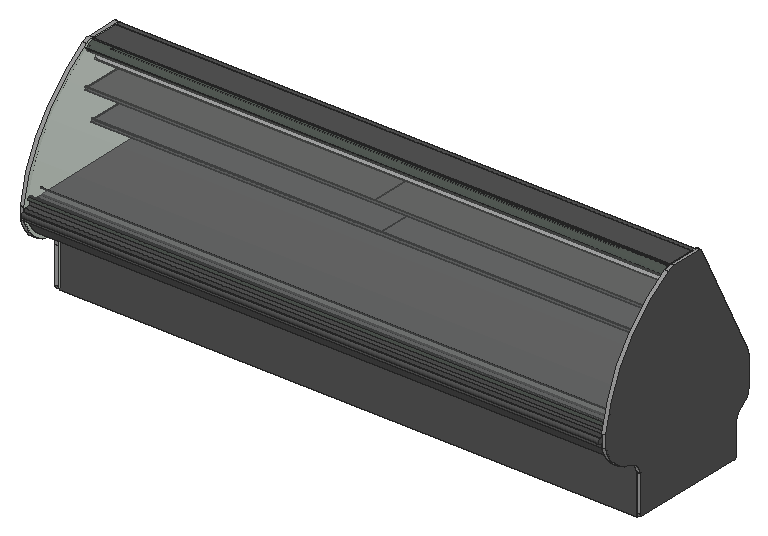
Revit family "ESBD_2014", category Specialty Equipment, Revit 2014
Parameters (values of type "12'-0" Length")
  Width = 144 1/2"
  Waste Drain = 1 1/2"  # constant formula
  URL = "www.hussmann.com"
  Type Comments = "Elite"  # constant formula
  Trim = Stainless Steel
  Total Weight = Case Weight + (2 * End Weight)  # 1400.00 lbf
  Splashguard = Textured Sheet Metal (Steel Painted) - 701 Black
  Side Panel - Right [instance] = yes
  Side Panel - Left [instance] = yes
  Shelves = Sheet Metal (Steel Painted) - 701 Black
  Shelf Lights [instance] = yes
  Shelf [instance] = yes
  Revit Family Date = "05/26/2016"  # constant formula
  Refrigeration Lines Suction = 7/8"  # constant formula
  Refrigeration Lines Liquid = 3/8"  # constant formula
  Refrig. Suction = "Suction"
  Refrig. Liquid = "Liquid"
  Number of Supports = if(Width < 50", 2, if(Width < 100", 3, 4))  # 4
  Number of Shelf Supports = if(Width < 96", 2, 3)  # 3
  Note from Manufacturer = "This model only comes 4'-0\", 6'-0\", 8'-0\", and 12'-0\" lengths."
  Model URL = "http://www.hussmann.com/en/product%20viewer/display-cases/ESBD"
  Model = "ESBD"  # constant formula
  Manufacturer Disclaimer = "The information in this file is not intended to be an exact representation of the corresponding Hussmann product.  Further, we reserve the right to change or revise specifications and product design in connection with any feature of our products. Such changes do not entitle the buyer to corresponding changes, improvements, additions, or replacements for equipment previously sold or shipped."  # constant formula
  Manufacturer = "Hussmann Corporation"  # constant formula
  Location of Drain = if(Width < 144", 24 1/8", 72 1/4")  # 72 1/4"
  Light [instance] = yes
  Height = 52 1/8"  # constant formula
  Glazing = Glass
  Ends = Textured Sheet Metal (Steel Painted) - 701 Black
  End Weight = 100.00 lbf  # constant formula
  Door Frame = Plastic - 701 Black
  Description = "Elite Curved Glass, Blower Coil Service Case Merchandiser"  # constant formula
  Depth = 45 1/4"  # constant formula
  Cutsheet URL = "http://www.hussmann.com/en/Technical%20Documents/0522307_B_ESBD.pdf"
  Case Weight = if(Width = 48 1/4", 600.00 lbf, if(Width = 72 3/8", 700.00 lbf, if(Width = 96 3/8", 1100.00 lbf, if(Width = 144 1/2", 1200.00 lbf, 0.00 lbf))))  # 1200.00 lbf
  Case Interior - Side Panel = Mirror
  Case Interior - Back Panel = Stainless Steel
  Case = Textured Sheet Metal (Steel Painted) - 701 Black
  Bumper = Extruded PVC - 701 Black
  Assembly Code = ""
  Accessories/Options = ""
  8 Case = Width = 96 3/8"  # no
  6 Case = Width = 72 3/8"  # no
  4 Case = Width = 48 1/4"  # no
  12 Case = Width = 144 1/2"  # yes
Reference planes (in)
  plane 1 "Back": y = 0
  plane 2 "Bottom": z = 0
  plane 3 "Left": x = -77.30699
  plane 4 "Front": y = -45.25
  plane 5 "Center (Left/Right)": x = -5.05699
  plane 6: x = -78.30699
  plane 7 "Right": x = 67.19301
  plane 8: x = 68.19301
  plane 9: z = 52.125
Forms (in)
  Extrusion 1, solid, material "Metal - Copper"
    sketch origin (63.0625, 1.04319, 0) x (1, 0, 0) y (0, 1, 0)
      loop
        arc (-68.11949, -26.54319) -> (-68.64982, -26.76286) -> (-68.86949, -27.29319) r 0.75
        arc (-68.86949, -27.29319) -> (-68.64982, -27.82352) -> (-68.11949, -28.04319) r 0.75
        arc (-68.11949, -28.04319) -> (-67.58916, -27.82352) -> (-67.36949, -27.29319) r 0.75
        arc (-67.36949, -27.29319) -> (-67.58916, -26.76286) -> (-68.11949, -26.54319) r 0.75
      loop
        circle (-68.11949, -27.29319) r 0.7102
    from 15.4495 to 14.2
  Extrusion 2, solid, material "Metal - Copper"
    sketch origin (57.40105, 5, -0.375) x (1, 0, 0) y (0, 1, 0)
      loop
        circle (1.10446, -34.375) r 0.41359
      loop
        circle (1.10446, -34.375) r 0.4375
    from 15.8245 to 0.375
  Extrusion 3, solid, material "Metal - Copper"
    sketch origin (59.82608, 5, -0.375) x (1, 0, 0) y (0, 1, 0)
      loop
        circle (-0.69557, -34.375) r 0.17188
      loop
        circle (-0.69557, -34.375) r 0.1875
    from 15.8245 to 0.375
  Extrusion 4, solid, material "Textured Sheet Metal (Steel Painted) - 701 Black" <- "Case"
    sketch origin (-5.05699, 0, 0) x (0, 1, 0) y (0, 0, 1)
      loop
        arc (-43.34613, 20.46649) -> (-40.36116, 16.18673) -> (-35.40912, 14.54243) r 8.279
        line (-35.40912, 14.54243) -> (-35.13012, 14.54243) -> (-35.13012, 15.12049) -> (-32.38472, 15.12049) -> (-32.38472, 13.03449) -> (-32.18041, 13.15244) -> (-31.84269, 12.56748) -> (-31.84269, 15.4495) -> (-5.46069, 15.4495) -> (-5.46069, 12.56949) -> (-2.20656, 12.56949) -> (-0.04964, 14.72641) -> (-0.05876, 19.34519) -> (0, 19.34519) -> (0, 20.00316) -> (-0.062, 20.00316) -> (-0.062, 23.22015) -> (-0.8415, 24.75) -> (-4.0439, 23.11829) -> (-4.89532, 24.78931) -> (-6.68597, 24.78931) -> (-6.68597, 24.83603) -> (-8.25597, 24.52075) -> (-8.25597, 24.23372)
        arc (-8.25597, 24.23372) -> (-8.28976, 24.23063) -> (-8.30513, 24.20038) r 0.03508
        line (-8.30513, 24.20038) -> (-8.29013, 23.77064) -> (-9.25445, 23.73697) -> (-11.10341, 23.6724) -> (-11.10219, 23.63743) -> (-19.78779, 23.33414) -> (-25.71348, 21.52249) -> (-37.44744, 21.52249) -> (-37.44744, 23.4609) -> (-39.4766, 23.4609) -> (-39.4766, 24.2149) -> (-40.75586, 24.2149) -> (-40.75586, 24.26058) -> (-42.60732, 25.32952)
        arc (-42.60732, 25.32952) -> (-42.68944, 25.3331) -> (-42.73947, 25.2679) r 0.089
        line (-42.73947, 25.2679) -> (-43.05817, 23.46049) -> (-44.31609, 23.46049) -> (-44.31609, 20.46649) -> (-43.34613, 20.46649)
      loop
        line (-16.41514, 47.39822) -> (-13.21274, 49.02993) -> (-14.78962, 52.12472) -> (-15.85021, 52.12472) -> (-15.85021, 51.83972) -> (-22.93044, 51.83972) -> (-22.93044, 52.12472) -> (-23.04044, 52.12472) -> (-23.04044, 49.54858) -> (-17.51081, 49.54858) -> (-16.41514, 47.39822)
    from 72.25 to -72.25
  Extrusion 5, solid, material "Sheet Metal (Steel Painted) - 701 Black" <- "Shelves"
    sketch origin (-5.05699, 0, 0) x (0, 1, 0) y (0, 0, 1)
      loop
        line (-8.41457, 23.80143) -> (-8.4213, 24.5734) -> (-39.15613, 24.30518) -> (-39.1494, 23.53321) -> (-8.41457, 23.80143)
    from 72.25 to -72.25
  Extrusion 6, solid, material "Glass" <- "Glazing"
    sketch origin (-5.05699, 0, 0) x (0, 1, 0) y (0, 0, 1)
      loop
        line (-39.4766, 23.4609) -> (-39.2266, 23.4609) -> (-39.2266, 25.8239)
        arc (-39.2266, 25.8239) -> (-39.3516, 25.9489) -> (-39.4766, 25.8239) r 0.125
        line (-39.4766, 25.8239) -> (-39.4766, 23.4609)
    from 72.25 to -72.25
  Extrusion 7, solid, material "Glass" <- "Glazing"
    sketch origin (-5.05699, 0, 0) x (0, 1, 0) y (0, 0, 1)
      loop
        line (-24.35337, 50.90746) -> (-24.47309, 51.11084)
        arc (-24.47309, 51.11084) -> (-36.70969, 39.95396) -> (-43.41659, 24.81368) r 40.236
        line (-43.41659, 24.81368) -> (-43.18577, 24.76454)
        arc (-43.18577, 24.76454) -> (-36.5182, 39.81602) -> (-24.35337, 50.90746) r 40
    from 72.25 to -72.25
  Extrusion 8, solid, material "Plastic - 701 Black" <- "Door Frame"
    sketch origin (-5.05699, 0, 0) x (0, 1, 0) y (0, 0, 1)
      loop
        arc (-23.04044, 50.09575) -> (-23.12841, 50.108) -> (-23.216, 50.12273) r 3.15396
        line (-23.216, 50.12273) -> (-23.216, 51.95558)
        arc (-23.216, 51.95558) -> (-23.22252, 51.97021) -> (-23.23775, 51.97515) r 0.01969
        arc (-23.23775, 51.97515) -> (-24.33425, 51.60184) -> (-25.16215, 50.79173) r 2.61654
        line (-25.16215, 50.79173) -> (-25.11943, 50.72218)
        arc (-25.11943, 50.72218) -> (-24.79717, 50.91803) -> (-24.47309, 51.11084) r 40.236
        line (-24.47309, 51.11084) -> (-24.35337, 50.90746)
        arc (-24.35337, 50.90746) -> (-24.69612, 50.7034) -> (-25.03682, 50.49593) r 40
        line (-25.03682, 50.49593) -> (-24.91123, 50.29086) -> (-24.73519, 50.39867) -> (-24.39613, 49.84499)
        arc (-24.39613, 49.84499) -> (-24.31211, 49.75427) -> (-24.19964, 49.70288) r 0.31496
        line (-24.19964, 49.70288) -> (-23.51563, 49.54199)
        arc (-23.51563, 49.54199) -> (-22.63508, 49.4415) -> (-21.75531, 49.54858) r 3.78388
        line (-21.75531, 49.54858) -> (-23.04044, 49.54858) -> (-23.04044, 50.09575)
      loop
        line (-42.8194, 24.81458) -> (-42.73004, 25.32137) -> (-42.90678, 25.20875) -> (-43.01054, 25.23084) -> (-42.96339, 25.45232) -> (-43.02974, 25.46644)
        arc (-43.02974, 25.46644) -> (-43.10933, 25.11584) -> (-43.18577, 24.76454) r 40
        line (-43.18577, 24.76454) -> (-43.41659, 24.81368)
        arc (-43.41659, 24.81368) -> (-43.34017, 25.16498) -> (-43.2606, 25.51559) r 40.236
        line (-43.2606, 25.51559) -> (-43.31844, 25.5279) -> (-43.48105, 24.76401) -> (-43.12601, 24.68843) -> (-43.05272, 25.03272) -> (-42.94896, 25.01063) -> (-42.8194, 24.81458)
    from 72.25 to -72.25
  Extrusion 9, solid, material "Extruded PVC - 701 Black" <- "Bumper"
    sketch origin (-5.05699, 0, 0) x (0, 1, 0) y (0, 0, 1)
      loop
        arc (-44.69659, 22.55399) -> (-45.25009, 22.00049) -> (-44.69659, 21.44699) r 0.5535
        line (-44.69659, 21.44699) -> (-44.31609, 21.44699) -> (-44.31609, 22.55399) -> (-44.69659, 22.55399)
    from 72.25 to -72.25
  Extrusion 10, solid, material "Sheet Metal (Steel Painted) - 701 Black" <- "Shelves"
    sketch origin (-5.05699, 0, 0) x (0, 1, 0) y (0, 0, 1)
      loop
        line (-22.93044, 51.83972) -> (-15.85021, 51.83972) -> (-15.85021, 52.12472) -> (-22.93044, 52.12472) -> (-22.93044, 51.83972)
    from 72.25 to -72.25
  Extrusion 11, solid, material "Textured Sheet Metal (Steel Painted) - 701 Black" <- "Splashguard"
    sketch origin (-5.05699, 0, 0) x (0, 1, 0) y (0, 0, 1)
      loop
        line (-33.24969, 0.071) -> (-33.04469, 0.071) -> (-33.04469, 0) -> (-31.84269, 0) -> (-31.84269, 5) -> (-31.91369, 5) -> (-31.91369, 0.071) -> (-32.51669, 0.071) -> (-32.51669, 0.5) -> (-32.56279, 0.5) -> (-32.56279, 0.1) -> (-32.82069, 0.1) -> (-32.82069, 14.6) -> (-32.56279, 14.6) -> (-32.56279, 14.2) -> (-32.51669, 14.2) -> (-32.51669, 14.629) -> (-33.0154, 14.629) -> (-33.0154, 15.12049) -> (-33.6714, 15.12049) -> (-33.6714, 15.04949) -> (-33.0864, 15.04949) -> (-33.0864, 14.629) -> (-33.24969, 14.629) -> (-33.24969, 0.071)
      loop
        line (-4.00019, 0.071) -> (-4.00019, 11.929) -> (-4.24596, 11.929) -> (-4.24596, 12.47249) -> (-2.37596, 12.47249) -> (-2.37596, 11.89128) -> (-2.73177, 11.89128) -> (-2.73177, 11.84428) -> (-2.23177, 11.84428) -> (-2.23177, 12.56949) -> (-4.34296, 12.56949) -> (-4.34296, 11.929) -> (-4.73319, 11.929) -> (-4.73319, 11.5) -> (-4.68708, 11.5) -> (-4.68708, 11.9) -> (-4.42919, 11.9) -> (-4.42919, 0.1) -> (-4.68708, 0.1) -> (-4.68708, 0.5) -> (-4.73319, 0.5) -> (-4.73319, 0.071) -> (-5.38969, 0.071) -> (-5.38969, 5) -> (-5.46069, 5) -> (-5.46069, 0) -> (-4.25869, 0) -> (-4.25869, 0.071) -> (-4.00019, 0.071)
    from 72.25 to -72.25
  Extrusion 12, solid, material "Stainless Steel"
    sketch origin (-5.05699, 0, 0) x (0, 1, 0) y (0, 0, 1)
      loop
        line (-20.1975, 49.54858) -> (-21.72459, 49.25175) -> (-22.57741, 47.42285)
        arc (-22.57741, 47.42285) -> (-22.55343, 47.34056) -> (-22.46871, 47.3536) r 0.065
        line (-22.46871, 47.3536) -> (-22.26821, 47.59255) -> (-22.29502, 47.61505) -> (-22.48802, 47.38504) -> (-21.76809, 48.92892) -> (-17.76809, 48.92892) -> (-17.33226, 48.07356) -> (-16.87735, 48.30535) -> (-17.51081, 49.54858) -> (-20.1975, 49.54858)
      loop
        circle (-17.15986, 47.40164) r 0.25
    from 72.25 to -72.25
  Extrusion 13, solid, material "Textured Sheet Metal (Steel Painted) - 701 Black" <- "Ends", visible <- "Side Panel - Left"
    sketch origin (-77.30699, 0, 0) x (0, 1, 0) y (0, 0, 1)
      loop
        arc (-1.49683, 11.61935) -> (-0.18118, 12.83955) -> (0.30494, 14.56683) r 3.31176
        line (0.30494, 14.56683) -> (0.30494, 22.15874)
        arc (0.30494, 22.15874) -> (0.21449, 22.93621) -> (-0.05594, 23.67072) r 3.31106
        line (-0.05594, 23.67072) -> (-14.45521, 51.92963) -> (-14.51136, 52.04163)
        arc (-14.51136, 52.04163) -> (-14.60333, 52.14101) -> (-14.73367, 52.17775) r 0.24961
        line (-14.73367, 52.17775) -> (-22.66176, 52.17775)
        arc (-22.66176, 52.17775) -> (-23.70154, 52.03663) -> (-24.66885, 51.62996) r 3.99993
        arc (-24.66885, 51.62996) -> (-37.58819, 39.74243) -> (-44.31604, 23.52643) r 40.79994
        line (-44.31604, 23.52643) -> (-44.31604, 20.40063)
        arc (-44.31604, 20.40063) -> (-41.53441, 15.84489) -> (-36.7171, 13.54583) r 9.37498
        arc (-36.7171, 13.54583) -> (-34.5207, 12.41603) -> (-33.42696, 10.20145) r 3.944
        line (-33.42696, 10.20145) -> (-33.42696, 0.92976)
        arc (-33.42696, 0.92976) -> (-33.28087, 0.57555) -> (-32.92696, 0.42874) r 0.5
        line (-32.92696, 0.42874) -> (-4.14147, 0.42874)
        arc (-4.14147, 0.42874) -> (-3.78792, 0.57519) -> (-3.64147, 0.92874) r 0.5
        line (-3.64147, 0.92874) -> (-3.64147, 8.10703)
        arc (-3.64147, 8.10703) -> (-3.06255, 10.16406) -> (-1.49574, 11.6172) r 3.94397
    from 0 to -1
  Extrusion 14, solid, material "Textured Sheet Metal (Steel Painted) - 701 Black" <- "Ends", visible <- "Side Panel - Right"
    sketch origin (67.19301, 0, 0) x (0, 0, 1) y (0, -1, 0)
      loop
        arc (11.61935, 1.49683) -> (12.83955, 0.18118) -> (14.56683, -0.30494) r 3.31176
        line (14.56683, -0.30494) -> (22.18376, -0.30494)
        arc (22.18376, -0.30494) -> (22.94778, -0.21139) -> (23.66957, 0.056) r 3.312
        line (23.66957, 0.056) -> (51.92963, 14.45521) -> (52.04163, 14.51136)
        arc (52.04163, 14.51136) -> (52.14101, 14.60333) -> (52.17775, 14.73367) r 0.24961
        line (52.17775, 14.73367) -> (52.17775, 22.66176)
        arc (52.17775, 22.66176) -> (52.03663, 23.70154) -> (51.62996, 24.66885) r 3.99993
        arc (51.62996, 24.66885) -> (39.74243, 37.58819) -> (23.52643, 44.31604) r 40.79994
        line (23.52643, 44.31604) -> (20.40063, 44.31604)
        arc (20.40063, 44.31604) -> (15.84489, 41.53441) -> (13.54583, 36.7171) r 9.37498
        arc (13.54583, 36.7171) -> (12.41603, 34.5207) -> (10.20145, 33.42696) r 3.944
        line (10.20145, 33.42696) -> (0.92976, 33.42696)
        arc (0.92976, 33.42696) -> (0.57555, 33.28087) -> (0.42874, 32.92696) r 0.5
        line (0.42874, 32.92696) -> (0.42874, 4.14147)
        arc (0.42874, 4.14147) -> (0.57519, 3.78792) -> (0.92874, 3.64147) r 0.5
        line (0.92874, 3.64147) -> (8.10703, 3.64147)
        arc (8.10703, 3.64147) -> (10.16406, 3.06255) -> (11.6172, 1.49574) r 3.94397
    from 1 to 0
  Extrusion 15, solid, material "Stainless Steel" <- "Case Interior - Back Panel", visible <- "8 Case"
    sketch origin (-5.05699, 0, 0) x (0, 1, 0) y (0, 0, 1)
      loop
        line (-4.0439, 23.11829) -> (-0.8415, 24.75) -> (-13.21274, 49.02993) -> (-16.41514, 47.39822) -> (-4.0439, 23.11829)
    from -48.1875 to -47.59375
  Extrusion 16, solid, material "Stainless Steel" <- "Case Interior - Back Panel", visible <- "6 Case"
    sketch origin (-5.05699, 0, 0) x (0, 1, 0) y (0, 0, 1)
      loop
        line (-4.0439, 23.11829) -> (-0.8415, 24.75) -> (-13.21274, 49.02993) -> (-16.41514, 47.39822) -> (-4.0439, 23.11829)
    from -35.5 to -36.1875
  Extrusion 17, solid, material "Stainless Steel" <- "Case Interior - Back Panel", visible <- "12 Case"
    sketch origin (-5.05699, 0, 0) x (0, 1, 0) y (0, 0, 1)
      loop
        line (-4.0439, 23.11829) -> (-0.8415, 24.75) -> (-13.21274, 49.02993) -> (-16.41514, 47.39822) -> (-4.0439, 23.11829)
    from 0.625 to -0.625
  Extrusion 18, solid, material "Stainless Steel" <- "Case Interior - Back Panel", visible <- "12 Case"
    sketch origin (-5.05699, 0, 0) x (0, 1, 0) y (0, 0, 1)
      loop
        line (-4.0439, 23.11829) -> (-0.8415, 24.75) -> (-13.21274, 49.02993) -> (-16.41514, 47.39822) -> (-4.0439, 23.11829)
    from -71.625 to -72.25
  Extrusion 19, solid, material "Stainless Steel" <- "Case Interior - Back Panel", visible <- "12 Case"
    sketch origin (-5.05699, 0, 0) x (0, 1, 0) y (0, 0, 1)
      loop
        line (-4.0439, 23.11829) -> (-0.8415, 24.75) -> (-13.21274, 49.02993) -> (-16.41514, 47.39822) -> (-4.0439, 23.11829)
    from 72.25 to 71.625
  Extrusion 20, solid, material "Stainless Steel" <- "Case Interior - Back Panel", visible <- "12 Case", not visible
    sketch origin (-5.05699, -39, 0) x (0, 1, 0) y (0, 0, 1)
      loop
        line (-4.0439, 23.11829) -> (-0.8415, 24.75) -> (-13.21274, 49.02993) -> (-16.41514, 47.39822) -> (-4.0439, 23.11829)
    from 0.625 to -0.625
  Extrusion 21, solid, material "Stainless Steel" <- "Case Interior - Back Panel", visible <- "12 Case", not visible
    sketch origin (-5.05699, -39, 0) x (0, 1, 0) y (0, 0, 1)
      loop
        line (-4.0439, 23.11829) -> (-0.8415, 24.75) -> (-13.21274, 49.02993) -> (-16.41514, 47.39822) -> (-4.0439, 23.11829)
    from -71.625 to -72.25
  Extrusion 22, solid, material "Stainless Steel" <- "Case Interior - Back Panel", visible <- "12 Case", not visible
    sketch origin (-5.05699, -39, 0) x (0, 1, 0) y (0, 0, 1)
      loop
        line (-4.0439, 23.11829) -> (-0.8415, 24.75) -> (-13.21274, 49.02993) -> (-16.41514, 47.39822) -> (-4.0439, 23.11829)
    from 72.25 to 71.625
  Extrusion 23, solid, material "Stainless Steel" <- "Case Interior - Back Panel", visible <- "6 Case"
    sketch origin (-5.05699, 0, 0) x (0, 1, 0) y (0, 0, 1)
      loop
        line (-4.0439, 23.11829) -> (-0.8415, 24.75) -> (-13.21274, 49.02993) -> (-16.41514, 47.39822) -> (-4.0439, 23.11829)
    from 36.1875 to 35.5
  Extrusion 24, solid, material "Stainless Steel" <- "Case Interior - Back Panel", visible <- "6 Case", not visible
    sketch origin (-5.05699, 40.54873, 0) x (0, 1, 0) y (0, 0, 1)
      loop
        line (-4.0439, 23.11829) -> (-0.8415, 24.75) -> (-13.21274, 49.02993) -> (-16.41514, 47.39822) -> (-4.0439, 23.11829)
    from -35.5 to -36.1875
  Extrusion 25, solid, material "Stainless Steel" <- "Case Interior - Back Panel", visible <- "6 Case", not visible
    sketch origin (-5.05699, 40.54873, 0) x (0, 1, 0) y (0, 0, 1)
      loop
        line (-4.0439, 23.11829) -> (-0.8415, 24.75) -> (-13.21274, 49.02993) -> (-16.41514, 47.39822) -> (-4.0439, 23.11829)
    from 36.1875 to 35.5
  Extrusion 26, solid, material "Stainless Steel" <- "Case Interior - Back Panel", visible <- "8 Case"
    sketch origin (-5.05699, 0, 0) x (0, 1, 0) y (0, 0, 1)
      loop
        line (-4.0439, 23.11829) -> (-0.8415, 24.75) -> (-13.21274, 49.02993) -> (-16.41514, 47.39822) -> (-4.0439, 23.11829)
    from -0.59375 to 0.59375
  Extrusion 27, solid, material "Stainless Steel" <- "Case Interior - Back Panel", visible <- "8 Case"
    sketch origin (-5.05699, 0, 0) x (0, 1, 0) y (0, 0, 1)
      loop
        line (-4.0439, 23.11829) -> (-0.8415, 24.75) -> (-13.21274, 49.02993) -> (-16.41514, 47.39822) -> (-4.0439, 23.11829)
    from 47.59375 to 48.1875
  Extrusion 28, solid, material "Stainless Steel" <- "Case Interior - Back Panel", visible <- "8 Case", not visible
    sketch origin (-5.05699, -67, 0) x (0, 1, 0) y (0, 0, 1)
      loop
        line (-4.0439, 23.11829) -> (-0.8415, 24.75) -> (-13.21274, 49.02993) -> (-16.41514, 47.39822) -> (-4.0439, 23.11829)
    from -48.1875 to -47.59375
  Extrusion 29, solid, material "Stainless Steel" <- "Case Interior - Back Panel", visible <- "8 Case", not visible
    sketch origin (-5.05699, -67, 0) x (0, 1, 0) y (0, 0, 1)
      loop
        line (-4.0439, 23.11829) -> (-0.8415, 24.75) -> (-13.21274, 49.02993) -> (-16.41514, 47.39822) -> (-4.0439, 23.11829)
    from -0.59375 to 0.59375
  Extrusion 30, solid, material "Stainless Steel" <- "Case Interior - Back Panel", visible <- "8 Case", not visible
    sketch origin (-5.05699, -67, 0) x (0, 1, 0) y (0, 0, 1)
      loop
        line (-4.0439, 23.11829) -> (-0.8415, 24.75) -> (-13.21274, 49.02993) -> (-16.41514, 47.39822) -> (-4.0439, 23.11829)
    from 47.59375 to 48.1875
  Extrusion 31, solid, material "Stainless Steel" <- "Case Interior - Back Panel", visible <- "4 Case"
    sketch origin (-5.05699, 0, 0) x (0, 1, 0) y (0, 0, 1)
      loop
        line (-4.0439, 23.11829) -> (-0.8415, 24.75) -> (-13.21274, 49.02993) -> (-16.41514, 47.39822) -> (-4.0439, 23.11829)
    from -23.5 to -24.125
  Extrusion 32, solid, material "Stainless Steel" <- "Case Interior - Back Panel", visible <- "4 Case"
    sketch origin (-5.05699, 0, 0) x (0, 1, 0) y (0, 0, 1)
      loop
        line (-4.0439, 23.11829) -> (-0.8415, 24.75) -> (-13.21274, 49.02993) -> (-16.41514, 47.39822) -> (-4.0439, 23.11829)
    from 24.125 to 23.5
  Extrusion 33, solid, material "Stainless Steel" <- "Case Interior - Back Panel", visible <- "4 Case", not visible
    sketch origin (-5.05699, 24, 0) x (0, 1, 0) y (0, 0, 1)
      loop
        line (-4.0439, 23.11829) -> (-0.8415, 24.75) -> (-13.21274, 49.02993) -> (-16.41514, 47.39822) -> (-4.0439, 23.11829)
    from -23.5 to -24.125
  Extrusion 34, solid, material "Stainless Steel" <- "Case Interior - Back Panel", visible <- "4 Case", not visible
    sketch origin (-5.05699, 24, 0) x (0, 1, 0) y (0, 0, 1)
      loop
        line (-4.0439, 23.11829) -> (-0.8415, 24.75) -> (-13.21274, 49.02993) -> (-16.41514, 47.39822) -> (-4.0439, 23.11829)
    from 24.125 to 23.5
  Extrusion 35, solid, material "Sheet Metal (Steel Painted) - 701 Black" <- "Shelves", visible <- "Shelf"
    sketch origin (-77.30699, -7.19108, -30.9993) x (0, 1, 0) y (0, 0, 1)
      loop
        line (-16.18534, 64.61155) -> (-15.98654, 64.81035) -> (-16.01907, 64.81035) -> (-16.20161, 64.62782)
        arc (-16.20161, 64.62782) -> (-16.21795, 64.62456) -> (-16.22721, 64.63842) r 0.015
        line (-16.22721, 64.63842) -> (-16.22721, 65.28367)
        arc (-16.22721, 65.28367) -> (-16.16459, 65.35764) -> (-16.0813, 65.30809) r 0.075
        line (-16.0813, 65.30809) -> (-16.05383, 65.2283)
        arc (-16.05383, 65.2283) -> (-16.03997, 65.20973) -> (-16.0179, 65.20267) r 0.038
        line (-16.0179, 65.20267) -> (-4.18143, 65.20267) -> (-4.20443, 65.22567) -> (-16.0286, 65.22567) -> (-16.05956, 65.31558)
        arc (-16.05956, 65.31558) -> (-16.16839, 65.38032) -> (-16.25021, 65.28367) r 0.098
        line (-16.25021, 65.28367) -> (-16.25021, 64.63842)
        arc (-16.25021, 64.63842) -> (-16.22676, 64.60331) -> (-16.18534, 64.61155) r 0.038
      loop
        line (-18.26155, 72.61155) -> (-18.06275, 72.81035) -> (-18.09527, 72.81035) -> (-18.27781, 72.62782)
        arc (-18.27781, 72.62782) -> (-18.29416, 72.62456) -> (-18.30342, 72.63842) r 0.015
        line (-18.30342, 72.63842) -> (-18.30342, 73.28367)
        arc (-18.30342, 73.28367) -> (-18.2408, 73.35764) -> (-18.15751, 73.30809) r 0.075
        line (-18.15751, 73.30809) -> (-18.13003, 73.2283)
        arc (-18.13003, 73.2283) -> (-18.11617, 73.20973) -> (-18.0941, 73.20267) r 0.038
        line (-18.0941, 73.20267) -> (-8.25763, 73.20267) -> (-8.28063, 73.22567) -> (-18.1048, 73.22567) -> (-18.13576, 73.31558)
        arc (-18.13576, 73.31558) -> (-18.24459, 73.38032) -> (-18.32642, 73.28367) r 0.098
        line (-18.32642, 73.28367) -> (-18.32642, 72.63842)
        arc (-18.32642, 72.63842) -> (-18.30296, 72.60331) -> (-18.26155, 72.61155) r 0.038
    from 0 to 144.5
  Extrusion 36, solid, material "Stainless Steel" <- "Case Interior - Back Panel", visible <- "Shelf"
    sketch origin (-77.30699, 0, 0) x (0, 1, 0) y (0, 0, 1)
      loop
        line (-9.21249, 29.96409) -> (-7.87837, 30.64386) -> (-16.29179, 47.15614) -> (-17.62591, 46.47637) -> (-9.21249, 29.96409)
    from 0 to 0.625
  Extrusion 37, solid, material "Stainless Steel" <- "Case Interior - Back Panel", visible <- "Shelf"
    sketch origin (66.56801, 0, 0) x (0, 1, 0) y (0, 0, 1)
      loop
        line (-9.21249, 29.96409) -> (-7.87837, 30.64386) -> (-16.29179, 47.15614) -> (-17.62591, 46.47637) -> (-9.21249, 29.96409)
    from 0 to 0.625
  Extrusion 38, solid, material "Stainless Steel" <- "Case Interior - Back Panel", visible <- "Shelf"
    sketch origin (-5.36949, 0, 0) x (0, 1, 0) y (0, 0, 1)
      loop
        line (-9.21249, 29.96409) -> (-7.87837, 30.64386) -> (-16.29179, 47.15614) -> (-17.62591, 46.47637) -> (-9.21249, 29.96409)
    from 0 to 0.625
Lines and regions (in)
  reference lines
    curve 1: line (-73.68199, -45.25, 0) -> (-73.68199, 0, 0)
    curve 2: line (-5.05699, -45.25, 0) -> (-5.05699, 0, 0)
    curve 3: line (63.56801, -45.25, 0) -> (63.56801, 0, 0)
    curve 4: line (58.94301, -45.25, 0) -> (58.94301, 0, 0)
    curve 5: line (-77.30699, -26.25, 0) -> (67.19301, -26.25, 0)
    curve 6: line (67.19301, -29.375, 0) -> (-77.30699, -29.375, 0)
    curve 7: line (-76.99449, 0, 0) -> (-76.99449, -45.25, 0)
    curve 8: line (66.88051, 0, 0) -> (66.88051, -45.25, 0)
Dimensions and locks (in)
  equal spacing: plane 3 "Left", plane 5 "Center (Left/Right)", plane 7 "Right"
  locked: plane 6 to plane 3 "Left" at 1
  "Width": plane 3 "Left" to plane 7 "Right"
  locked: plane 3 "Left" to curve 1 at 3.625
  locked: curve 3 to plane 7 "Right" at 3.625
  "Location of Drain": curve 2 to plane 7 "Right"
  "Depth": plane 4 "Front" to plane 1 "Back"
  locked: curve 4 to plane 7 "Right" at 8.25
  "Height": plane 9 to level
  locked: plane 1 "Back" to curve 5 at 26.25
  locked: plane 1 "Back" to curve 6 at 29.375
  locked: plane 7 "Right" to plane 8 at 1
  locked: Extrusion 1 sketch curve to Extrusion 1 sketch curve at 0.0398
  locked: Extrusion 3 sketch curve to Extrusion 3 sketch curve at 0.01562
  locked: Extrusion 2 sketch curve to Extrusion 2 sketch curve at 0.02391
  locked: nested 1 to plane 1 "Back" at 5.46069
  equal spacing: group 1, group 11, group 12, group 2  (x3)
  locked: plane 3 "Left" to curve 7 at 0.3125
  locked: curve 8 to plane 7 "Right" at 0.3125
  equal spacing: group 13, group 15, group 14  (x3)
  "Waste Drain": diameter of Extrusion 1 sketch curve
  "Refrigeration Lines Liquid": diameter of Extrusion 3 sketch curve
  "Refrigeration Lines Suction": diameter of Extrusion 2 sketch curve
  aligned and locked: plane 4 "Front" to curve 2
  aligned and locked: plane 4 "Front" to curve 3
  aligned and locked: plane 4 "Front" to curve 1
  aligned and locked: plane 3 "Left" to curve 5
  aligned and locked: plane 3 "Left" to curve 6
  aligned and locked: plane 7 "Right" to curve 6
  aligned and locked: plane 7 "Right" to curve 5
  aligned and locked: Extrusion 2 to level
  aligned and locked: Extrusion 3 to level
  aligned and locked: curve 6 to Extrusion 3 sketch curve  (x4)
  aligned and locked: curve 6 to Extrusion 2 sketch curve  (x4)
  aligned and locked: curve 5 to Extrusion 1 sketch curve  (x3)
  aligned and locked: curve 2 to Extrusion 1 sketch curve
  aligned and locked: curve 4 to Extrusion 3 sketch curve
  aligned and locked: curve 4 to Extrusion 2 sketch curve
  aligned and locked: curve 1 to nested 1
  aligned and locked: curve 3 to nested 2
  aligned and locked: nested 1 to nested 2
  aligned and locked: Extrusion 4 to plane 3 "Left"
  aligned and locked: plane 7 "Right" to Extrusion 4
  aligned and locked: Extrusion 5 to plane 3 "Left"
  aligned and locked: plane 7 "Right" to Extrusion 5
  aligned and locked: Extrusion 6 to plane 3 "Left"
  aligned and locked: plane 7 "Right" to Extrusion 6
  aligned and locked: Extrusion 7 to plane 3 "Left"
  aligned and locked: plane 7 "Right" to Extrusion 7
  aligned and locked: Extrusion 8 to plane 3 "Left"
  aligned and locked: plane 7 "Right" to Extrusion 8
  aligned and locked: Extrusion 9 to plane 3 "Left"
  aligned and locked: plane 7 "Right" to Extrusion 9
  aligned and locked: Extrusion 10 to plane 3 "Left"
  aligned and locked: plane 7 "Right" to Extrusion 10
  aligned and locked: Extrusion 11 to plane 3 "Left"
  aligned and locked: plane 7 "Right" to Extrusion 11
  aligned and locked: Extrusion 12 to plane 3 "Left"
  aligned and locked: plane 7 "Right" to Extrusion 12
  aligned and locked: plane 3 "Left" to nested 3
  aligned and locked: plane 6 to Extrusion 13
  aligned and locked: plane 3 "Left" to Extrusion 13
  aligned and locked: plane 8 to Extrusion 14
  aligned and locked: Extrusion 14 to plane 7 "Right"
  aligned and locked: Extrusion 35 to plane 3 "Left"
  aligned and locked: plane 7 "Right" to Extrusion 35
  aligned and locked: nested 20 to curve 7
  aligned and locked: nested 22 to curve 8
  aligned and locked: plane 3 "Left" to nested 25
  aligned and locked: plane 3 "Left" to nested 26
Automatic sketch dimensions
  Extrusion 15 sketch curve to Extrusion 15 sketch curve = 3.2024"
  Extrusion 15 sketch curve to Extrusion 15 sketch curve = 1.63171"
  Extrusion 16 sketch curve to Extrusion 16 sketch curve = 3.2024"
  Extrusion 17 sketch curve to Extrusion 17 sketch curve = 3.2024"
  Extrusion 18 sketch curve to Extrusion 18 sketch curve = 3.2024"
  Extrusion 19 sketch curve to Extrusion 19 sketch curve = 3.2024"
  Extrusion 17 sketch curve to Extrusion 17 sketch curve = 12.37124"
  Extrusion 17 sketch curve to Extrusion 17 sketch curve = 1.63171"
  Extrusion 18 sketch curve to Extrusion 18 sketch curve = 12.37124"
  Extrusion 18 sketch curve to Extrusion 18 sketch curve = 1.63171"
  Extrusion 19 sketch curve to Extrusion 19 sketch curve = 12.37124"
  Extrusion 19 sketch curve to Extrusion 19 sketch curve = 1.63171"
  Extrusion 20 sketch curve to Extrusion 20 sketch curve = 3.2024"
  Extrusion 21 sketch curve to Extrusion 21 sketch curve = 3.2024"
  Extrusion 22 sketch curve to Extrusion 22 sketch curve = 3.2024"
  Extrusion 20 sketch curve to Extrusion 20 sketch curve = 12.37124"
  Extrusion 20 sketch curve to Extrusion 20 sketch curve = 1.63171"
  Extrusion 21 sketch curve to Extrusion 21 sketch curve = 12.37124"
  Extrusion 21 sketch curve to Extrusion 21 sketch curve = 1.63171"
  Extrusion 22 sketch curve to Extrusion 22 sketch curve = 12.37124"
  Extrusion 22 sketch curve to Extrusion 22 sketch curve = 1.63171"
  Extrusion 23 sketch curve to Extrusion 23 sketch curve = 3.2024"
  Extrusion 16 sketch curve to Extrusion 16 sketch curve = 12.37124"
  Extrusion 16 sketch curve to Extrusion 16 sketch curve = 1.63171"
  Extrusion 23 sketch curve to Extrusion 23 sketch curve = 12.37124"
  Extrusion 23 sketch curve to Extrusion 23 sketch curve = 1.63171"
  Extrusion 24 sketch curve to Extrusion 24 sketch curve = 3.2024"
  Extrusion 25 sketch curve to Extrusion 25 sketch curve = 3.2024"
  Extrusion 24 sketch curve to Extrusion 24 sketch curve = 12.37124"
  Extrusion 24 sketch curve to Extrusion 24 sketch curve = 1.63171"
  Extrusion 25 sketch curve to Extrusion 25 sketch curve = 12.37124"
  Extrusion 25 sketch curve to Extrusion 25 sketch curve = 1.63171"
  Extrusion 26 sketch curve to Extrusion 26 sketch curve = 3.2024"
  Extrusion 26 sketch curve to Extrusion 26 sketch curve = 1.63171"
  Extrusion 27 sketch curve to Extrusion 27 sketch curve = 3.2024"
  Extrusion 27 sketch curve to Extrusion 27 sketch curve = 1.63171"
  Extrusion 15 sketch curve to Extrusion 15 sketch curve = 12.37124"
  Extrusion 26 sketch curve to Extrusion 26 sketch curve = 12.37124"
  Extrusion 27 sketch curve to Extrusion 27 sketch curve = 12.37124"
  Extrusion 28 sketch curve to Extrusion 28 sketch curve = 3.2024"
  Extrusion 28 sketch curve to Extrusion 28 sketch curve = 1.63171"
  Extrusion 29 sketch curve to Extrusion 29 sketch curve = 3.2024"
  Extrusion 29 sketch curve to Extrusion 29 sketch curve = 1.63171"
  Extrusion 30 sketch curve to Extrusion 30 sketch curve = 3.2024"
  Extrusion 30 sketch curve to Extrusion 30 sketch curve = 1.63171"
  Extrusion 28 sketch curve to Extrusion 28 sketch curve = 12.37124"
  Extrusion 29 sketch curve to Extrusion 29 sketch curve = 12.37124"
  Extrusion 30 sketch curve to Extrusion 30 sketch curve = 12.37124"
  Extrusion 31 sketch curve to Extrusion 31 sketch curve = 3.2024"
  Extrusion 31 sketch curve to Extrusion 31 sketch curve = 1.63171"
  Extrusion 32 sketch curve to Extrusion 32 sketch curve = 3.2024"
  Extrusion 32 sketch curve to Extrusion 32 sketch curve = 1.63171"
  Extrusion 31 sketch curve to Extrusion 31 sketch curve = 12.37124"
  Extrusion 32 sketch curve to Extrusion 32 sketch curve = 12.37124"
  Extrusion 33 sketch curve to Extrusion 33 sketch curve = 3.2024"
  Extrusion 33 sketch curve to Extrusion 33 sketch curve = 1.63171"
  Extrusion 34 sketch curve to Extrusion 34 sketch curve = 3.2024"
  Extrusion 34 sketch curve to Extrusion 34 sketch curve = 1.63171"
  Extrusion 33 sketch curve to Extrusion 33 sketch curve = 12.37124"
  Extrusion 34 sketch curve to Extrusion 34 sketch curve = 12.37124"
  plane 9 to Extrusion 10 sketch curve = 0.00028"
  plane 4 "Front" to Extrusion 10 sketch curve = 22.31956"
  Extrusion 10 sketch curve to Extrusion 10 sketch curve = 7.08023"
  Extrusion 10 sketch curve to Extrusion 10 sketch curve = 0.285"
  plane 9 to Extrusion 12 sketch curve = 4.70215"
  plane 1 "Back" to Extrusion 12 sketch curve = 22.57741"
  Extrusion 12 sketch curve to Extrusion 12 sketch curve = 0.05891"
  plane 9 to Extrusion 12 sketch curve = 4.73996"
  Extrusion 12 sketch curve to Extrusion 12 sketch curve = 0.03049"
  plane 9 to Extrusion 12 sketch curve = 4.7714"
  Extrusion 12 sketch curve to Extrusion 12 sketch curve = 0.01931"
  plane 9 to Extrusion 12 sketch curve = 4.50995"
  Extrusion 12 sketch curve to Extrusion 12 sketch curve = 0.19299"
  Extrusion 12 sketch curve to Extrusion 12 sketch curve = 0.52693"
  plane 9 to Extrusion 12 sketch curve = 2.87325"
  Extrusion 12 sketch curve to Extrusion 12 sketch curve = 0.04351"
  plane 9 to Extrusion 12 sketch curve = 2.57642"
  Extrusion 12 sketch curve to Extrusion 12 sketch curve = 1.52709"
  plane 9 to Extrusion 12 sketch curve = 3.19608"
  Extrusion 12 sketch curve to Extrusion 12 sketch curve = 2.4294"
  Extrusion 12 sketch curve to Extrusion 12 sketch curve = 0.25729"
  plane 9 to Extrusion 12 sketch curve = 4.05144"
  Extrusion 12 sketch curve to Extrusion 12 sketch curve = 0.43583"
  Extrusion 12 sketch curve to Extrusion 12 sketch curve = 0.17241"
  Extrusion 12 sketch curve to Extrusion 12 sketch curve = 0.67192"
  Extrusion 35 sketch curve to Extrusion 35 sketch curve = 0"  (x8)
  plane 4 "Front" to Extrusion 35 sketch curve = 19.7325"
  Extrusion 35 sketch curve to Extrusion 35 sketch curve = 0.023"  (x4)
  Extrusion 35 sketch curve to Extrusion 35 sketch curve = 0.015"  (x4)
  plane 9 to Extrusion 35 sketch curve = 10.49649"
  Extrusion 35 sketch curve to Extrusion 35 sketch curve = 0.01061"  (x2)
  plane 9 to Extrusion 35 sketch curve = 10.51275"
  Extrusion 35 sketch curve to Extrusion 35 sketch curve = 0.075"  (x2)
  plane 9 to Extrusion 35 sketch curve = 9.81622"
  Extrusion 35 sketch curve to Extrusion 35 sketch curve = 0.07091"  (x2)
  plane 9 to Extrusion 35 sketch curve = 9.80873"
  plane 9 to Extrusion 35 sketch curve = 9.896"
  Extrusion 35 sketch curve to Extrusion 35 sketch curve = 0.02747"  (x2)
  Extrusion 35 sketch curve to Extrusion 35 sketch curve = 0.02523"  (x2)
  Extrusion 35 sketch curve to Extrusion 35 sketch curve = 0.18254"  (x3)
  Extrusion 35 sketch curve to Extrusion 35 sketch curve = 0.0107"  (x2)
  Extrusion 35 sketch curve to Extrusion 35 sketch curve = 0.03253"  (x2)
  Extrusion 35 sketch curve to Extrusion 35 sketch curve = 2.01133"
  Extrusion 35 sketch curve to Extrusion 35 sketch curve = 0.01626"
  plane 9 to Extrusion 35 sketch curve = 17.81622"
  plane 9 to Extrusion 35 sketch curve = 17.80873"
  Extrusion 35 sketch curve to Extrusion 35 sketch curve = 9.78212"
  Extrusion 35 sketch curve to Extrusion 35 sketch curve = 4.0532"
  Extrusion 35 sketch curve to Extrusion 35 sketch curve = 0.0749"
  Extrusion 35 sketch curve to Extrusion 35 sketch curve = 0.01237"
  Extrusion 35 sketch curve to Extrusion 35 sketch curve = 0.39232"
  Extrusion 35 sketch curve to Extrusion 35 sketch curve = 0.17193"
  Extrusion 35 sketch curve to Extrusion 35 sketch curve = 7.977"
  Extrusion 36 sketch curve to Extrusion 36 sketch curve = 1.33412"
  Extrusion 4 sketch curve to plane 1 "Back" = 0"
  plane 1 "Back" to Extrusion 4 sketch curve = 0.04964"
  Extrusion 4 sketch curve to Extrusion 4 sketch curve = 0.05876"
  plane 1 "Back" to Extrusion 4 sketch curve = 0.062"
  plane 1 "Back" to Extrusion 4 sketch curve = 0.8415"
  plane 1 "Back" to Extrusion 4 sketch curve = 2.20656"
  Extrusion 4 sketch curve to Extrusion 4 sketch curve = 3.2024"
  Extrusion 4 sketch curve to Extrusion 4 sketch curve = 0.85142"
  Extrusion 4 sketch curve to Extrusion 4 sketch curve = 3.25412"
  Extrusion 4 sketch curve to Extrusion 4 sketch curve = 1.79064"
  Extrusion 4 sketch curve to Extrusion 4 sketch curve = 1.57"
  Extrusion 4 sketch curve to Extrusion 4 sketch curve = 0.01411"
  Extrusion 4 sketch curve to Extrusion 4 sketch curve = 0.02005"
  Extrusion 4 sketch curve to Extrusion 4 sketch curve = 0.03506"
  Extrusion 4 sketch curve to Extrusion 4 sketch curve = 0.96432"
  Extrusion 4 sketch curve to Extrusion 4 sketch curve = 1.84775"
  Extrusion 4 sketch curve to Extrusion 4 sketch curve = 0.00122"
  plane 9 to Extrusion 4 sketch curve = 3.09507"
  plane 1 "Back" to Extrusion 4 sketch curve = 13.21274"
  plane 9 to Extrusion 4 sketch curve = 0.00028"  (x2)
  Extrusion 4 sketch curve to Extrusion 4 sketch curve = 1.57688"
  plane 9 to Extrusion 4 sketch curve = 0.28528"
  Extrusion 4 sketch curve to Extrusion 4 sketch curve = 1.0606"
  plane 9 to Extrusion 4 sketch curve = 4.72678"
  Extrusion 4 sketch curve to Extrusion 4 sketch curve = 1.09566"
  Extrusion 4 sketch curve to Extrusion 4 sketch curve = 8.6856"
  Extrusion 4 sketch curve to Extrusion 4 sketch curve = 5.41964"
  Extrusion 4 sketch curve to Extrusion 4 sketch curve = 0.11"
  Extrusion 4 sketch curve to Extrusion 4 sketch curve = 5.9257"
  Extrusion 4 sketch curve to Extrusion 4 sketch curve = 6.1292"
  Extrusion 4 sketch curve to Extrusion 4 sketch curve = 0.33773"
  Extrusion 4 sketch curve to Extrusion 4 sketch curve = 0.54203"
  Extrusion 4 sketch curve to Extrusion 4 sketch curve = 2.7454"
  Extrusion 4 sketch curve to Extrusion 4 sketch curve = 0.279"
  Extrusion 4 sketch curve to Extrusion 4 sketch curve = 2.03832"
  Extrusion 4 sketch curve to Extrusion 4 sketch curve = 2.02916"
  Extrusion 4 sketch curve to Extrusion 4 sketch curve = 1.27926"
  Extrusion 4 sketch curve to Extrusion 4 sketch curve = 1.85146"
  Extrusion 4 sketch curve to Extrusion 4 sketch curve = 0.0445"
  Extrusion 4 sketch curve to Extrusion 4 sketch curve = 0.08765"
  Extrusion 4 sketch curve to Extrusion 4 sketch curve = 0.31869"
  plane 4 "Front" to Extrusion 4 sketch curve = 1.90387"
  plane 4 "Front" to Extrusion 4 sketch curve = 0.93391"
  level to Extrusion 4 sketch curve = 25.32952"
  Extrusion 4 sketch curve to Extrusion 4 sketch curve = 0.06162"
  Extrusion 4 sketch curve to Extrusion 4 sketch curve = 22.56219"
  Extrusion 4 sketch curve to Extrusion 4 sketch curve = 0.04673"
  Extrusion 4 sketch curve to Extrusion 4 sketch curve = 0.03931"
  Extrusion 4 sketch curve to Extrusion 4 sketch curve = 0.26856"
  Extrusion 4 sketch curve to Extrusion 4 sketch curve = 1.06894"
  Extrusion 4 sketch curve to Extrusion 4 sketch curve = 0.28703"
  Extrusion 4 sketch curve to Extrusion 4 sketch curve = 0.04568"
  Extrusion 4 sketch curve to Extrusion 4 sketch curve = 0.03212"
  Extrusion 4 sketch curve to Extrusion 4 sketch curve = 0.42974"
  Extrusion 4 sketch curve to Extrusion 4 sketch curve = 0.06456"
  Extrusion 4 sketch curve to Extrusion 4 sketch curve = 0.754"
  Extrusion 4 sketch curve to Extrusion 4 sketch curve = 1.80741"
  Extrusion 4 sketch curve to Extrusion 4 sketch curve = 0.63947"
  Extrusion 4 sketch curve to Extrusion 4 sketch curve = 1.81165"
  Extrusion 4 sketch curve to Extrusion 4 sketch curve = 2.994"
  Extrusion 4 sketch curve to Extrusion 4 sketch curve = 3.21699"
  Extrusion 4 sketch curve to Extrusion 4 sketch curve = 0.65798"
  Extrusion 4 sketch curve to Extrusion 4 sketch curve = 0.90707"
  Extrusion 4 sketch curve to Extrusion 4 sketch curve = 0.32901"
  Extrusion 4 sketch curve to Extrusion 4 sketch curve = 4.61877"
  Extrusion 4 sketch curve to Extrusion 4 sketch curve = 1.96804"
  Extrusion 4 sketch curve to Extrusion 4 sketch curve = 0.11796"
  Extrusion 4 sketch curve to Extrusion 4 sketch curve = 2.15693"
  plane 4 "Front" to Extrusion 5 sketch curve = 6.09387"
  Extrusion 5 sketch curve to Extrusion 5 sketch curve = 0.00674"
  plane 1 "Back" to Extrusion 5 sketch curve = 8.4213"
  level to Extrusion 5 sketch curve = 23.53321"
  level to Extrusion 5 sketch curve = 23.80143"
  plane 4 "Front" to Extrusion 6 sketch curve = 5.7734"
  Extrusion 6 sketch curve to Extrusion 6 sketch curve = 1/8"
  level to Extrusion 6 sketch curve = 23.4609"
  Extrusion 6 sketch curve to Extrusion 6 sketch curve = 2.363"
  Extrusion 7 sketch curve to Extrusion 7 sketch curve = 0"  (x2)
  plane 4 "Front" to Extrusion 7 sketch curve = 1.83341"
  Extrusion 7 sketch curve to Extrusion 7 sketch curve = 0.23083"
  plane 9 to Extrusion 7 sketch curve = 1.01416"
  plane 4 "Front" to Extrusion 7 sketch curve = 20.77691"
  plane 9 to Extrusion 7 sketch curve = 1.21754"
  Extrusion 7 sketch curve to Extrusion 7 sketch curve = 0.11972"
  plane 1 "Back" to Extrusion 7 sketch curve = 4.06242"
  level to Extrusion 7 sketch curve = 24.81368"
  Extrusion 8 sketch curve to Extrusion 8 sketch curve = 0"  (x14)
  plane 4 "Front" to Extrusion 8 sketch curve = 1.76895"
  Extrusion 8 sketch curve to Extrusion 8 sketch curve = 0.06446"
  Extrusion 8 sketch curve to Extrusion 8 sketch curve = 0.09815"
  Extrusion 8 sketch curve to Extrusion 8 sketch curve = 0.05783"
  Extrusion 8 sketch curve to Extrusion 8 sketch curve = 0.23083"
  Extrusion 8 sketch curve to Extrusion 8 sketch curve = 0.05976"
  Extrusion 8 sketch curve to Extrusion 8 sketch curve = 0.13305"
  Extrusion 8 sketch curve to Extrusion 8 sketch curve = 0.23086"
  Extrusion 8 sketch curve to Extrusion 8 sketch curve = 0.04217"
  Extrusion 8 sketch curve to Extrusion 8 sketch curve = 0.06635"
  Extrusion 8 sketch curve to Extrusion 8 sketch curve = 0.10376"  (x2)
  Extrusion 8 sketch curve to Extrusion 8 sketch curve = 0.12955"
  Extrusion 8 sketch curve to Extrusion 8 sketch curve = 0.17674"
  plane 9 to Extrusion 8 sketch curve = 1.33327"
  plane 4 "Front" to Extrusion 8 sketch curve = 20.08785"
  plane 9 to Extrusion 8 sketch curve = 1.40282"
  Extrusion 8 sketch curve to Extrusion 8 sketch curve = 0.04272"
  plane 9 to Extrusion 8 sketch curve = 1.62907"
  Extrusion 8 sketch curve to Extrusion 8 sketch curve = 0.08261"
  plane 9 to Extrusion 8 sketch curve = 1.83414"
  Extrusion 8 sketch curve to Extrusion 8 sketch curve = 0.12558"
  plane 9 to Extrusion 8 sketch curve = 1.72633"
  plane 9 to Extrusion 8 sketch curve = 1.01416"
  Extrusion 8 sketch curve to Extrusion 8 sketch curve = 0.64635"
  plane 9 to Extrusion 8 sketch curve = 2.28001"
  plane 9 to Extrusion 8 sketch curve = 1.21754"
  plane 9 to Extrusion 8 sketch curve = 2.42212"
  Extrusion 8 sketch curve to Extrusion 8 sketch curve = 0.19648"
  Extrusion 8 sketch curve to Extrusion 8 sketch curve = 0.07212"
  plane 9 to Extrusion 8 sketch curve = 2.58301"
  Extrusion 8 sketch curve to Extrusion 8 sketch curve = 0.68401"
  plane 9 to Extrusion 8 sketch curve = 0.16942"
  Extrusion 8 sketch curve to Extrusion 8 sketch curve = 1.2374"
  Extrusion 8 sketch curve to Extrusion 8 sketch curve = 0.01969"
  Extrusion 8 sketch curve to Extrusion 8 sketch curve = 0.47518"
  Extrusion 8 sketch curve to Extrusion 8 sketch curve = 0.07682"
  Extrusion 8 sketch curve to Extrusion 8 sketch curve = 0.56676"
  Extrusion 8 sketch curve to Extrusion 8 sketch curve = 1.20831"
  plane 1 "Back" to Extrusion 8 sketch curve = 4.06242"
  level to Extrusion 8 sketch curve = 24.68843"
  Extrusion 8 sketch curve to Extrusion 8 sketch curve = 0.07558"
  Extrusion 8 sketch curve to Extrusion 8 sketch curve = 0.07611"
  Extrusion 8 sketch curve to Extrusion 8 sketch curve = 0.19605"
  Extrusion 8 sketch curve to Extrusion 8 sketch curve = 0.19812"
  Extrusion 8 sketch curve to Extrusion 8 sketch curve = 0.11263"
  Extrusion 8 sketch curve to Extrusion 8 sketch curve = 0.16897"
  Extrusion 8 sketch curve to Extrusion 8 sketch curve = 0.17556"
  Extrusion 8 sketch curve to Extrusion 8 sketch curve = 0.54716"
  plane 4 "Front" to Extrusion 9 sketch curve = 0.55341"
  Extrusion 9 sketch curve to Extrusion 9 sketch curve = 0.3805"
  level to Extrusion 9 sketch curve = 21.44699"
  Extrusion 9 sketch curve to Extrusion 9 sketch curve = 0.5535"
  Extrusion 11 sketch curve to level = 0"  (x2)
  plane 4 "Front" to Extrusion 11 sketch curve = 11.5786"
  level to Extrusion 11 sketch curve = 0.071"  (x4)
  plane 4 "Front" to Extrusion 11 sketch curve = 12.00031"
  Extrusion 11 sketch curve to Extrusion 11 sketch curve = 0.16328"
  Extrusion 11 sketch curve to Extrusion 11 sketch curve = 0.205"
  Extrusion 11 sketch curve to Extrusion 11 sketch curve = 0.071"  (x4)
  Extrusion 11 sketch curve to Extrusion 11 sketch curve = 0.19472"
  Extrusion 11 sketch curve to Extrusion 11 sketch curve = 0.2579"  (x3)
  Extrusion 11 sketch curve to Extrusion 11 sketch curve = 0.0461"  (x4)
  Extrusion 11 sketch curve to Extrusion 11 sketch curve = 0.603"
  plane 1 "Back" to Extrusion 11 sketch curve = 5.46069"
  Extrusion 11 sketch curve to Extrusion 11 sketch curve = 0.6565"
  plane 1 "Back" to Extrusion 11 sketch curve = 4.73319"
  Extrusion 11 sketch curve to Extrusion 11 sketch curve = 0.08622"
  Extrusion 11 sketch curve to Extrusion 11 sketch curve = 0.1705"
  Extrusion 11 sketch curve to Extrusion 11 sketch curve = 0.097"  (x2)
  Extrusion 11 sketch curve to Extrusion 11 sketch curve = 0.24578"
  Extrusion 11 sketch curve to Extrusion 11 sketch curve = 1.26842"
  Extrusion 11 sketch curve to Extrusion 11 sketch curve = 0.35581"
  Extrusion 11 sketch curve to Extrusion 11 sketch curve = 0.14419"
  Extrusion 11 sketch curve to Extrusion 11 sketch curve = 0.029"  (x3)
  level to Extrusion 11 sketch curve = 0.1"
  Extrusion 11 sketch curve to Extrusion 11 sketch curve = 0.4"  (x4)
  Extrusion 11 sketch curve to Extrusion 11 sketch curve = 4 1/2"  (x2)
  Extrusion 11 sketch curve to Extrusion 11 sketch curve = 6 1/2"
  Extrusion 11 sketch curve to Extrusion 11 sketch curve = 0.34428"
  Extrusion 11 sketch curve to Extrusion 11 sketch curve = 0.047"
  Extrusion 11 sketch curve to Extrusion 11 sketch curve = 0"  (x2)
  Extrusion 11 sketch curve to Extrusion 11 sketch curve = 0.54349"
  Extrusion 11 sketch curve to Extrusion 11 sketch curve = 9.2"
  Extrusion 11 sketch curve to Extrusion 11 sketch curve = 0.42049"
  plane 4 "Front" to Extrusion 13 sketch curve = 0.93396"
  plane 4 "Front" to Extrusion 13 sketch curve = 7.91777"
  Extrusion 13 sketch curve to Extrusion 13 sketch curve = 9.06113"
  level to Extrusion 13 sketch curve = 0.92976"
  Extrusion 13 sketch curve to Extrusion 13 sketch curve = 3.90527"
  level to Extrusion 13 sketch curve = 0.42874"
  Extrusion 13 sketch curve to Extrusion 13 sketch curve = 1/2"  (x2)
  Extrusion 13 sketch curve to plane 9 = 0.05275"
  plane 4 "Front" to Extrusion 13 sketch curve = 22.58824"
  Extrusion 13 sketch curve to Extrusion 13 sketch curve = 0.01338"
  Extrusion 13 sketch curve to Extrusion 13 sketch curve = 7.92809"
  plane 9 to Extrusion 13 sketch curve = 0.08337"
  Extrusion 13 sketch curve to Extrusion 13 sketch curve = 0.22231"
  plane 9 to Extrusion 13 sketch curve = 0.19537"
  Extrusion 13 sketch curve to Extrusion 13 sketch curve = 0.05614"
  plane 1 "Back" to Extrusion 13 sketch curve = 4.14946"
  plane 1 "Back" to Extrusion 13 sketch curve = 4.14147"
  Extrusion 13 sketch curve to Extrusion 13 sketch curve = 1.14265"
  plane 1 "Back" to Extrusion 13 sketch curve = 3.00611"
  plane 1 "Back" to Extrusion 13 sketch curve = 0.05594"
  Extrusion 13 sketch curve to plane 1 "Back" = 0.3025"
  Extrusion 13 sketch curve to plane 1 "Back" = 0.30494"
  level to Extrusion 13 sketch curve = 8.10703"
  Extrusion 13 sketch curve to Extrusion 13 sketch curve = 8.72033"
  Extrusion 13 sketch curve to Extrusion 13 sketch curve = 0.55137"
  Extrusion 13 sketch curve to Extrusion 13 sketch curve = 6.4598"
  Extrusion 13 sketch curve to Extrusion 13 sketch curve = 1.79856"
  Extrusion 13 sketch curve to Extrusion 13 sketch curve = 10.75054"
  Extrusion 13 sketch curve to Extrusion 13 sketch curve = 5.79335"
  Extrusion 13 sketch curve to Extrusion 13 sketch curve = 0.00877"
  Extrusion 13 sketch curve to Extrusion 13 sketch curve = 2.40545"
  Extrusion 13 sketch curve to Extrusion 13 sketch curve = 3.1258"
  Extrusion 13 sketch curve to Extrusion 13 sketch curve = 3.9999"
  plane 1 "Back" to Extrusion 13 sketch curve = 1.49683"
  Extrusion 13 sketch curve to Extrusion 13 sketch curve = 0.0011"
  level to Extrusion 14 sketch curve = 0.42874"
  Extrusion 14 sketch curve to Extrusion 14 sketch curve = 1/2"  (x2)
  Extrusion 14 sketch curve to Extrusion 14 sketch curve = 0.00102"
  Extrusion 14 sketch curve to plane 1 "Back" = 0.3025"
  level to Extrusion 14 sketch curve = 8.10703"
  Extrusion 14 sketch curve to Extrusion 14 sketch curve = 8.72033"
  Extrusion 14 sketch curve to Extrusion 14 sketch curve = 0.55137"
  plane 1 "Back" to Extrusion 14 sketch curve = 3.00681"
  Extrusion 14 sketch curve to Extrusion 14 sketch curve = 6.4598"
  Extrusion 14 sketch curve to Extrusion 14 sketch curve = 1.79856"
  plane 4 "Front" to Extrusion 14 sketch curve = 0.93396"
  Extrusion 14 sketch curve to Extrusion 14 sketch curve = 10.75054"
  Extrusion 14 sketch curve to Extrusion 14 sketch curve = 5.80056"
  Extrusion 14 sketch curve to plane 1 "Back" = 0.30494"
  Extrusion 14 sketch curve to Extrusion 14 sketch curve = 0.01781"
  Extrusion 14 sketch curve to Extrusion 14 sketch curve = 2.40545"
  Extrusion 14 sketch curve to Extrusion 14 sketch curve = 3.1258"
  plane 1 "Back" to Extrusion 14 sketch curve = 0.056"
  Extrusion 14 sketch curve to Extrusion 14 sketch curve = 1.48581"
  plane 9 to Extrusion 14 sketch curve = 3.94716"
  plane 9 to Extrusion 14 sketch curve = 0.19686"
  plane 9 to Extrusion 14 sketch curve = 0.19537"
  plane 9 to Extrusion 14 sketch curve = 0.08337"
  Extrusion 14 sketch curve to plane 9 = 0.05275"
  plane 1 "Back" to Extrusion 14 sketch curve = 3.64147"
  Extrusion 14 sketch curve to Extrusion 14 sketch curve = 1.14265"
  plane 1 "Back" to Extrusion 14 sketch curve = 14.45521"
  Extrusion 14 sketch curve to Extrusion 14 sketch curve = 0.05614"
  Extrusion 14 sketch curve to Extrusion 14 sketch curve = 7.91471"
  Extrusion 14 sketch curve to Extrusion 14 sketch curve = 0.01338"
  plane 4 "Front" to Extrusion 14 sketch curve = 12.32304"
  Extrusion 14 sketch curve to Extrusion 14 sketch curve = 9.06113"
  Extrusion 14 sketch curve to Extrusion 14 sketch curve = 3.90527"
  plane 1 "Back" to Extrusion 14 sketch curve = 1.49574"
  Extrusion 14 sketch curve to Extrusion 14 sketch curve = 0.00214"
  Extrusion 36 sketch curve to Extrusion 36 sketch curve = 8.41343"
  Extrusion 36 sketch curve to Extrusion 36 sketch curve = 0.67977"
  Extrusion 37 sketch curve to Extrusion 37 sketch curve = 1.33412"
  Extrusion 37 sketch curve to Extrusion 37 sketch curve = 8.41343"
  Extrusion 37 sketch curve to Extrusion 37 sketch curve = 0.67977"
  Extrusion 38 sketch curve to Extrusion 38 sketch curve = 1.33412"
  Extrusion 38 sketch curve to Extrusion 38 sketch curve = 8.41343"
  Extrusion 38 sketch curve to Extrusion 38 sketch curve = 0.67977"
  Extrusion 1 sketch curve to Extrusion 1 sketch curve = 0"  (x2)
  Extrusion 2 sketch curve to Extrusion 2 sketch curve = 0"
  Extrusion 3 sketch curve to Extrusion 3 sketch curve = 0"
  curve 7 to plane 4 "Front" = 0"
  curve 8 to plane 4 "Front" = 0"
  curve 4 to plane 4 "Front" = 0"
  plane 1 "Back" to curve 4 = 0"
  plane 1 "Back" to curve 7 = 0"
  plane 1 "Back" to curve 1 = 0"
  plane 1 "Back" to curve 8 = 0"
  plane 1 "Back" to curve 3 = 0"
  plane 1 "Back" to curve 2 = 0"
  radius of Extrusion 12 sketch curve = 1/4"
Nested families (in)
  nested 1: "Floor Support - E Series" at (-73.0625, -2.46769, 0), type "Floor Support - E Series"
  nested 2: "Floor Support - E Series" at (64.1875, -2.46769, 0), type "Floor Support - E Series"
  nested 3: "Light" at (-5.30699, -12.1724, -4.76408), visible <- "Light", type "Light"
    with Length 144 1/2"
  nested 4: "Service Doors - 117deg - 48" at (-77.21324, -25.6905, -0.30892), visible <- "8 Case", type "Service Doors - 117deg - 48"
  nested 5: "Service Doors - 117deg - 72" at (-77.18199, -25.6905, -0.30892), visible <- "12 Case", type "Service Doors - 117deg - 72"
  nested 6: "Service Doors - 117deg - 72" at (-4.93199, -25.6905, -0.30892), visible <- "12 Case", type "Service Doors - 117deg - 72"
  nested 7: "Service Doors - 117deg - 72" at (-77.11949, -25.6905, -0.30892), visible <- "6 Case", type "Service Doors - 117deg - 72"
  nested 8: "Service Doors - 117deg - 72" at (-77.18199, -64.6905, -0.30892), visible <- "12 Case", type "Service Doors - 117deg - 72", not visible
  nested 9: "Service Doors - 117deg - 72" at (-4.93199, -64.6905, -0.30892), visible <- "12 Case", type "Service Doors - 117deg - 72", not visible
  nested 10: "Service Doors - 117deg - 72" at (-77.11949, 14.85822, -0.30892), visible <- "6 Case", type "Service Doors - 117deg - 72", not visible
  nested 11: "Service Doors - 117deg - 48" at (-29.02574, -25.6905, -0.30892), visible <- "8 Case", type "Service Doors - 117deg - 48"
  nested 12: "Service Doors - 117deg - 48" at (-77.21324, -92.6905, -0.30892), visible <- "8 Case", type "Service Doors - 117deg - 48", not visible
  nested 13: "Service Doors - 117deg - 48" at (-29.02574, -92.6905, -0.30892), visible <- "8 Case", type "Service Doors - 117deg - 48", not visible
  nested 14: "Service Doors - 117deg - 48" at (-77.18199, -25.6905, -0.30892), visible <- "4 Case", type "Service Doors - 117deg - 48"
  nested 15: "Service Doors - 117deg - 48" at (-77.18199, -1.6905, -0.30892), visible <- "4 Case", type "Service Doors - 117deg - 48", not visible
  nested 16: "Light" at (-5.30699, -10.69725, -4.76408), visible <- "Light", type "Light"
    with Length 144 1/2"
  nested 17: "Floor Support - E Series" at (-27.3125, -2.46769, 0), type "Floor Support - E Series"
  nested 18: "Floor Support - E Series" at (18.4375, -2.46769, 0), type "Floor Support - E Series"
  nested 19: "Shelf - E Series" at (-77.11949, -11.1413, 29.30745), visible <- "Shelf", type "12""
  nested 20: "Shelf - E Series" at (-77.11949, -15.2175, 37.30745), visible <- "Shelf", type "10""
    with Depth 10"
  nested 21: "Shelf - E Series" at (66.75551, -11.1413, 29.30745), visible <- "Shelf", type "12""
  nested 22: "Shelf - E Series" at (66.75551, -15.2175, 37.30745), visible <- "Shelf", type "10""
    with Depth 10"
  nested 23: "Shelf - E Series" at (-5.18199, -11.1413, 29.30745), visible <- "Shelf", type "12""
  nested 24: "Shelf - E Series" at (-5.18199, -15.2175, 37.30745), visible <- "Shelf", type "10""
    with Depth 10"
  nested 25: "Light" at (-5.30699, -15.59351, -10.79514), visible <- "Shelf Lights", type "Light"
    with Length 144 1/2"
  nested 26: "Light" at (-5.30699, -13.5173, -18.79514), visible <- "Shelf Lights", type "Light"
    with Length 144 1/2"
Connectors (in)
  piping at (-5.05699, -26.25, 14.2), diameter 1.5, driven by "Waste Drain"
    settings: on Extrusion 1, index 8, connector inside diameter 1 1/4", connector length 0", flow factor 0, pipe flow 0 GPM, pressure drop 0.00 psi, fitting loss kfactor 0, connector angle 0.00°, fixture units 0, engagement length 0", angle of deflection 0.00°, flow configuration 0, flow direction 0, fitting loss method 0, system type 16, joint type 0, gender type 0, connector reference index -1, connector utility 0, adjustable connector no, is connector primary yes, connector description "1 1/4\""
  piping at (58.50551, -29.375, 0), diameter 0.875, driven by "Refrig. Suction", driven by "Refrigeration Lines Suction"
    settings: on Extrusion 2, index 9, connector inside diameter 7/8", connector length 0", flow factor 0, pipe flow 0 GPM, pressure drop 0.00 psi, fitting loss kfactor 0, connector angle 0.00°, fixture units 0, engagement length 0", angle of deflection 0.00°, flow configuration 0, flow direction 2, fitting loss method 0, system type 22, joint type 0, gender type 0, connector reference index -1, connector utility 0, adjustable connector no, is connector primary no, connector description "Suction"
  piping at (59.13051, -29.375, 0), diameter 0.375, driven by "Refrig. Liquid", driven by "Refrigeration Lines Liquid"
    settings: on Extrusion 3, index 10, connector inside diameter 3/8", connector length 0", flow factor 0, pipe flow 0 GPM, pressure drop 0.00 psi, fitting loss kfactor 0, connector angle 0.00°, fixture units 0, engagement length 0", angle of deflection 0.00°, flow configuration 0, flow direction 1, fitting loss method 0, system type 22, joint type 0, gender type 0, connector reference index -1, connector utility 0, adjustable connector no, is connector primary no, connector description "Liquid"
Definition of nested family "Floor Support - E Series"
  Parameters (values of type "Floor Support - E Series")
    Width = 4"
    URL = "www.hussmann.com"
    Type Comments = ""
    Revit Family Date = "5/12/2016"
